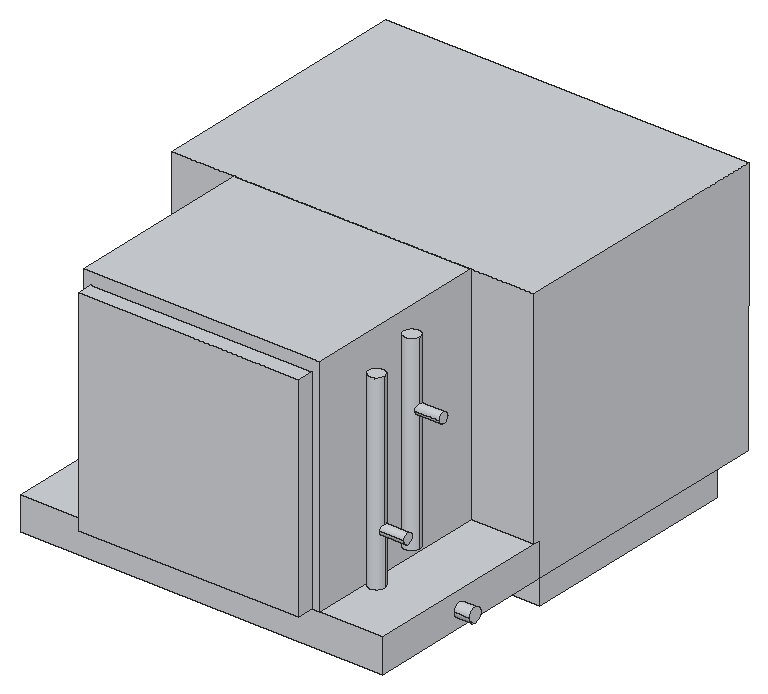
Revit family "78d82a35a4904f02b58242e62ed93d7c", category Mechanical Equipment, Revit 2021
Family settings
  Round Connector Dimension = Use Diameter
  Part Type = Normal
  OmniClass Number = 23.75.70.17.27
  OmniClass Title = Fan Coil Units
  Seek Item ID = Fan Coil Unit with Plenum - Horizontal Ducted - CHW - Bottom Return-0000-USA-ENU
  Work Plane-Based = No
  Always vertical = Yes
  Cut with Voids When Loaded = No
  Shared = No
  Room Calculation Point = No
Parameters (values of type "600 CFM")
  Water Pressure Drop [instance] = 1.40 psi
  Voltage = 120 V
  Unit Length = 1' - 11"
  Total Cooling Capacity = 19700 Btu/h
  Supply Air Width = 14"
  Sensible Cooling Capacity = 14400 Btu/h
  Return Air Width = 21"
  Number of Poles = 1
  Nominal Air Flow [instance] = 600 CFM
  Load Classification = Cooling
  External Static Pressure [instance] = 0.30 in-wg
  Drain Flow [instance] = 0 GPM
  Default Elevation = 0' - 0"
  Coil Length = 1' - 3"
  Chilled Water Flow [instance] = 4 GPM
  CFU Material = none
  Apparent Load = 265 VA
Types (9): name | Water Pressure Drop | Unit Length | Total Cooling Capacity | Supply Air Width | Sensible Cooling Capacity | Return Air Width | Nominal Air Flow | Coil Length | Chilled Water Flow | Apparent Load
  (no name) | 1.40 psi | 1' - 11" | 19700 Btu/h | 14" | 14400 Btu/h | 21" | 600 CFM | 1' - 3" | 4 GPM | 265 VA
  600 CFM | 1.40 psi | 1' - 11" | 19700 Btu/h | 14" | 14400 Btu/h | 21" | 600 CFM | 1' - 3" | 4 GPM | 265 VA
  800 CFM | 3.10 psi | 2' - 4" | 29400 Btu/h | 19" | 20600 Btu/h | 26" | 800 CFM | 1' - 8" | 6 GPM | 310 VA
  1000 CFM | 6.50 psi | 2' - 8" | 38500 Btu/h | 23" | 26400 Btu/h | 30" | 1000 CFM | 2' - 0" | 8 GPM | 440 VA
  1200 CFM | 13.00 psi | 3' - 1" | 47600 Btu/h | 28" | 32300 Btu/h | 35" | 1200 CFM | 2' - 5" | 10 GPM | 550 VA
  1400 CFM | 21.00 psi | 3' - 6" | 52800 Btu/h | 33" | 36500 Btu/h | 40" | 1400 CFM | 2' - 10" | 11 GPM | 690 VA
  1600 CFM | 25.00 psi | 3' - 11" | 64700 Btu/h | 38" | 43600 Btu/h | 45" | 1600 CFM | 3' - 3" | 15 GPM | 900 VA
  1800 CFM | 25.00 psi | 4' - 4" | 75700 Btu/h | 43" | 50400 Btu/h | 50" | 1800 CFM | 3' - 8" | 19 GPM | 1015 VA
  2000 CFM | 25.00 psi | 4' - 8" | 82400 Btu/h | 47" | 55200 Btu/h | 54" | 2000 CFM | 4' - 0" | 19 GPM | 1020 VA
Reference planes (in)
  plane 1 "Center (Front/Back)": y = 0
  plane 2: z = 0
  plane 3 "Center (Left/Right)": x = 0
  plane 4: x = 23
  plane 5: x = 4.5
  plane 6: y = 29
  plane 7: y = -1
  plane 8: x = 18.5
  plane 9: x = 11.5
  plane 10: x = 4
  plane 11: x = 19
  plane 12: z = 16.375
  plane 13: z = 11.5625
  plane 14: z = 15.625
  plane 15: z = 2.125
  plane 16: y = 12.5
  plane 17: y = 12
  plane 18: z = -2.5
  plane 19: x = 1
  plane 20: x = 22
  plane 21: y = 20.75
  plane 22: y = 13.75
  plane 23: y = 27.75
  plane 24: y = 6.0625
  plane 25: y = 3.25
  plane 26: z = 5.9375
  plane 27: x = 20
  plane 28: z = 3.625
  plane 29: z = 14.625
  plane 30: z = 2.625
  plane 31: z = 1.0625
  plane 32: x = 24
Forms (in)
  Extrusion 1, solid, material <- "CFU Material"
    sketch origin (0, 0, 0) x (1, 0, 0) y (0, 1, 0)
      loop
        line (0, 12.5) -> (0, 0) -> (23, 0) -> (23, 12.5) -> (0, 12.5)
    from 0 to 2.125
  Extrusion 2, solid, material <- "CFU Material"
    sketch origin (0, 0, 0) x (0, 1, 0) y (0, 0, 1)
      loop
        line (-1, 15.625) -> (-1, 2.125) -> (0, 2.125) -> (0, 15.625) -> (-1, 15.625)
    from 4.5 to 18.5
  Extrusion 3, solid, material <- "CFU Material"
    sketch origin (0, 0, 0) x (0, 1, 0) y (0, 0, 1)
      loop
        line (0, 16.375) -> (0, 2.125) -> (12, 2.125) -> (12, 16.375) -> (0, 16.375)
    from 4 to 19
  Extrusion 4, solid, material <- "CFU Material"
    sketch origin (0, 0, 0) x (0, 1, 0) y (0, 0, 1)
      loop
        line (12, 16.375) -> (12, 2.125) -> (12.5, 2.125) -> (12.5, 0) -> (29, 0) -> (29, 16.375) -> (12, 16.375)
    from 0 to 23
  Extrusion 5, solid, material <- "CFU Material"
    sketch origin (0, 0, 0) x (0, 1, 0) y (0, 0, 1)
      loop
        line (13.75, 0) -> (13.75, -2.5) -> (27.75, -2.5) -> (27.75, 0) -> (13.75, 0)
    from 1 to 22
  Extrusion 6, solid, material <- "CFU Material"
    sketch origin (0, 0, 0) x (1, 0, 0) y (0, 1, 0)
      loop
        circle (20, 6.0625) r 0.5
    from 3.625 to 15.625
  Extrusion 7, solid, material <- "CFU Material"
    sketch origin (0, 0, 0) x (1, 0, 0) y (0, 1, 0)
      loop
        circle (20, 3.25) r 0.5
    from 2.625 to 14.625
  Extrusion 8, solid, material <- "CFU Material"
    sketch origin (0, 0, 0) x (0, 1, 0) y (0, 0, 1)
      loop
        circle (6.0625, 11.5625) r 0.3125
    from 20 to 22
  Extrusion 9, solid, material <- "CFU Material"
    sketch origin (0, 0, 0) x (0, 1, 0) y (0, 0, 1)
      loop
        circle (3.25, 5.9375) r 0.3125
    from 20 to 22
  Extrusion 10, solid, material <- "CFU Material"
    sketch origin (0, 0, 0) x (0, 1, 0) y (0, 0, 1)
      loop
        circle (6.0625, 1.0625) r 0.4375
    from 23 to 24
Cuts and joins
  joined: Extrusion 6, Extrusion 8
  joined: Extrusion 7, Extrusion 9
  joined: Extrusion 1, Extrusion 2, Extrusion 5
Dimensions and locks (in)
  "Unit Length": plane 3 "Center (Left/Right)" to plane 4
  locked: plane 3 "Center (Left/Right)" to plane 5 at 4.5
  locked: plane 6 to plane 1 "Center (Front/Back)" at 29
  locked: plane 7 to plane 1 "Center (Front/Back)" at 1
  "Supply Air Width": plane 5 to plane 8
  equal spacing: plane 5, plane 9, plane 8
  "Coil Length": plane 10 to plane 11
  locked: plane 12 to plane 2 at 16.375
  locked: plane 12 to plane 13 at 4.8125
  locked: plane 12 to plane 14 at 0.75
  locked: plane 14 to plane 15 at 13.5
  locked: plane 16 to plane 6 at 16.5
  locked: plane 17 to plane 16 at 0.5
  locked: plane 2 to plane 18 at 2.5
  locked: plane 3 "Center (Left/Right)" to plane 19 at 1
  "Return Air Width": plane 19 to plane 20
  equal spacing: plane 16, plane 21, plane 6
  equal spacing: plane 22, plane 21, plane 23
  locked: plane 22 to plane 23 at 14
  locked: plane 1 "Center (Front/Back)" to plane 24 at 6.0625
  locked: plane 25 to plane 24 at 2.8125
  locked: plane 12 to plane 26 at 10.4375
  locked: plane 11 to plane 27 at 1
  locked: plane 14 to plane 28 at 12
  locked: plane 14 to plane 29 at 1
  locked: plane 28 to plane 30 at 1
  equal spacing: plane 15, plane 31, plane 2
  locked: plane 4 to plane 32 at 1
  aligned and locked: plane 3 "Center (Left/Right)" to Extrusion 1 sketch curve
  aligned and locked: plane 1 "Center (Front/Back)" to Extrusion 1 sketch curve
  aligned and locked: Extrusion 1 sketch curve to plane 4
  aligned and locked: Extrusion 1 to plane 2
  aligned and locked: plane 7 to Extrusion 2 sketch curve
  aligned and locked: Extrusion 2 sketch curve to plane 14
  aligned and locked: plane 15 to Extrusion 2 sketch curve
  aligned and locked: plane 1 "Center (Front/Back)" to Extrusion 2 sketch curve
  aligned and locked: plane 15 to Extrusion 1
  aligned and locked: Extrusion 1 to plane 16
  aligned and locked: Extrusion 3 sketch curve to plane 12
  aligned and locked: Extrusion 3 sketch curve to plane 1 "Center (Front/Back)"
  aligned and locked: plane 15 to Extrusion 3 sketch curve
  aligned and locked: plane 17 to Extrusion 3 sketch curve
  aligned and locked: plane 8 to Extrusion 2
  aligned and locked: Extrusion 2 to plane 5
  aligned and locked: Extrusion 3 to plane 10
  aligned and locked: Extrusion 3 to plane 11
  aligned and locked: Extrusion 4 sketch curve to plane 12
  aligned and locked: Extrusion 4 sketch curve to plane 17
  aligned and locked: plane 15 to Extrusion 4 sketch curve
  aligned and locked: Extrusion 4 sketch curve to plane 16
  aligned and locked: plane 2 to Extrusion 4 sketch curve
  aligned and locked: plane 6 to Extrusion 4 sketch curve
  aligned and locked: Extrusion 4 to plane 3 "Center (Left/Right)"
  aligned and locked: plane 4 to Extrusion 4
  aligned and locked: plane 22 to Extrusion 5 sketch curve
  aligned and locked: plane 18 to Extrusion 5 sketch curve
  aligned and locked: plane 23 to Extrusion 5 sketch curve
  aligned and locked: Extrusion 5 sketch curve to plane 2
  aligned and locked: Extrusion 5 to plane 19
  aligned and locked: plane 20 to Extrusion 5
  aligned and locked: plane 24 to Extrusion 6 sketch curve
  aligned and locked: plane 27 to Extrusion 6 sketch curve
  aligned and locked: plane 25 to Extrusion 7 sketch curve
  aligned and locked: plane 27 to Extrusion 7 sketch curve
  aligned and locked: plane 14 to Extrusion 6
  aligned and locked: Extrusion 6 to plane 14
  aligned and locked: Extrusion 6 to plane 28
  aligned and locked: plane 29 to Extrusion 7
  aligned and locked: Extrusion 7 to plane 30
  aligned and locked: plane 13 to Extrusion 8 sketch curve
  aligned and locked: plane 24 to Extrusion 8 sketch curve
  aligned and locked: plane 26 to Extrusion 9 sketch curve
  aligned and locked: plane 25 to Extrusion 9 sketch curve
  aligned and locked: plane 20 to Extrusion 8
  aligned and locked: plane 20 to Extrusion 9
  aligned and locked: plane 27 to Extrusion 8
  aligned and locked: plane 27 to Extrusion 9
  aligned and locked: plane 31 to Extrusion 10 sketch curve
  aligned and locked: plane 24 to Extrusion 10 sketch curve
  aligned and locked: plane 32 to Extrusion 10
  aligned and locked: Extrusion 10 to plane 4
Automatic sketch dimensions
  Extrusion 1 sketch curve to plane 1 "Center (Front/Back)" = 1' - 0 1/2"
  radius of Extrusion 6 sketch curve = 0' - 0 1/2"
  radius of Extrusion 7 sketch curve = 0' - 0 1/2"
  radius of Extrusion 8 sketch curve = 0' - 0 5/16"
  radius of Extrusion 9 sketch curve = 0' - 0 5/16"
  radius of Extrusion 10 sketch curve = 0' - 0 7/16"
Connectors (in)
  hvac at (11.5, -1, 8.875), driven by "Nominal Air Flow", driven by "Supply Air Width"
    settings: on cut or joined group of Extrusion 1, Extrusion 2, Extrusion 5, index 1, duct flow 600 CFM, flow factor 0, pres drop 0.00 in-wg, loss coef 0, conn angle 0.00°, conn width 14", conn height 13 1/2", conn diameter 24", duct sys type 1, conn prof type 1, flow config 0, flow direction 2, loss method 0, conn ref index 2, conn util no, is conn primary yes, conn desc ""
  hvac at (11.5, 20.75, -2.5), driven by "Nominal Air Flow", driven by "Return Air Width"
    settings: on cut or joined group of Extrusion 1, Extrusion 2, Extrusion 5, index 2, duct flow 600 CFM, flow factor 0, pres drop 0.00 in-wg, loss coef 0, conn angle 0.00°, conn width 21", conn height 14", conn diameter 24", duct sys type 2, conn prof type 1, flow config 0, flow direction 1, loss method 0, conn ref index 1, conn util no, is conn primary no, conn desc ""
  piping at (22, 3.25, 5.9375), diameter 0.625, driven by "Chilled Water Flow"
    settings: on cut or joined group of Extrusion 7, Extrusion 9, index 3, connector inside diameter 5/8", connector length 0' - 0", flow factor 0, pipe flow 4 GPM, pressure drop 0.00 psi, fitting loss kfactor 0, connector angle 0.00°, fixture units 0, engagement length 0' - 0", angle of deflection 0.00°, flow configuration 1, flow direction 1, fitting loss method 4, system type 7, joint type 0, gender type 0, connector reference index 4, connector utility 0, adjustable connector no, is connector primary yes, connector description "Chilled Water, In"
  piping at (22, 6.0625, 11.5625), diameter 0.625, driven by "Chilled Water Flow", driven by "Water Pressure Drop"
    settings: on cut or joined group of Extrusion 6, Extrusion 8, index 4, connector inside diameter 5/8", connector length 0' - 0", flow factor 0, pipe flow 4 GPM, pressure drop 1.40 psi, fitting loss kfactor 0, connector angle 0.00°, fixture units 0, engagement length 0' - 0", angle of deflection 0.00°, flow configuration 1, flow direction 2, fitting loss method 4, system type 8, joint type 0, gender type 0, connector reference index 3, connector utility 0, adjustable connector no, is connector primary no, connector description "Chilled Water, Out"
  piping at (24, 6.0625, 1.0625), diameter 0.875, driven by "Drain Flow"
    settings: on Extrusion 10, index 5, connector inside diameter 7/8", connector length 0' - 0", flow factor 0, pipe flow 0 GPM, pressure drop 0.00 psi, fitting loss kfactor 0, connector angle 0.00°, fixture units 0, engagement length 0' - 0", angle of deflection 0.00°, flow configuration 1, flow direction 2, fitting loss method 0, system type 16, joint type 0, gender type 0, connector reference index -1, connector utility 0, adjustable connector yes, is connector primary no, connector description "Drain, Out"
  electrical at (0, 17.83333, 6.16667), driven by "Apparent Load", driven by "Voltage", driven by "Number of Poles", driven by "Load Classification"
    settings: on Extrusion 4, index 6, voltage 120 V, apparent load 265 VA, apparent load phase1 0 VA, apparent load phase2 0 VA, apparent load phase3 0 VA, power factor 0.8, load classification "Cooling", number of poles 1, system type 30, power factor state 1, is connector primary yes, connector utility no, sub classification motor no, connector description ""
